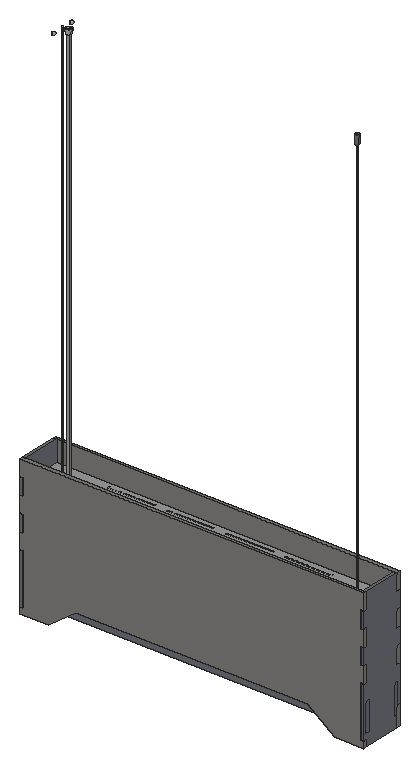
Revit family "Lighting - Lumetta - Pendant - P4217A2", category Lighting Fixtures, host Ceiling, Revit 2015
Parameters
  Wattage = 12.1178 W
  built-in parameter 1150110 = 1 (stored number, unit not read)
  URL = "https://lumetta.com/luminaires/link-acoustic-streamline-42-pendant-2/"
  built-in parameter 1114217 = 1 (stored number, unit not read)
  Top Lens-Material [instance] = Acrylic - 2447 - White
  Top Lens [instance] = yes
  built-in parameter 1150109 = 1 (stored number, unit not read)
  built-in parameter 1150134 = (empty or 0)
  Suspension [instance] = 1
  built-in parameter 1150113 = 1 (stored number, unit not read)
  P4217A2 URL [instance] = "https://lumetta.com/luminaires/link-acoustic-streamline-42-pendant-2/"
  P4217A2 [instance] = no
  Model = "P4217A2"  # constant formula
  Manufacturer = "Lumetta, Inc."  # constant formula
  Lumens = 1800 lm
  built-in parameter 1150115 = 1 (stored number, unit not read)
  built-in parameter 1150105 = 143.24 (stored number, unit not read)
  Light Source Symbol Size = 0' - 1"
  built-in parameter 1150137 = (empty or 0)
  built-in parameter 1150139 = (empty or 0)
  built-in parameter 1150112 = 1 (stored number, unit not read)
  built-in parameter 1150114 = 1 (stored number, unit not read)
  built-in parameter 1150132 = 2
  built-in parameter 1150102 = (empty or 0)
  built-in parameter 1150138 = (empty or 0)
  built-in parameter 1150107 = 3000 (stored number, unit not read)
  built-in parameter 1150106 = 1.4324 (stored number, unit not read)
  Frame Finish [instance] = Paint - Lumetta - F02 - PC_Chrome
  Fixture Drop [instance] = 4' - 0"
  Emit from Line Length = 2' - 10"
  built-in parameter 1150104 = 13.8 (stored number, unit not read)
  Dimming Lamp Color Temperature Shift = (empty or 0)
  Diffuser Material-Shade 2 [instance] = Shade - Lumetta - D814A-AC-Navy
  Diffuser Material-Shade 1 [instance] = Shade - Lumetta - D803-AC-Oat
  Description = "Link Acoustic Streamline 42'' Pendant"  # constant formula
  Coupling-Stems over 60 inches [instance] = and([2 Stems], Fixture Drop > 5' 0")  # no
  Cord Color [instance] = Cord, Black
  Cone Nut-STD-2-3Wire [instance] = Suspension = 1  # yes
  Color Filter = 16777215
  Bushing-LED-4Wire [instance] = Suspension = 2  # no
  Bottom Lens-Material [instance] = Acrylic - P95 - Etched White
  Bottom Lens [instance] = no
  built-in parameter 1114218 = 1 (stored number, unit not read)
  built-in parameter 1150133 = 10 (stored number, unit not read)
  2 Stems [instance] = Suspension = 3  # no
  1CRD-2CBL-LED-4Wire [instance] = or(Suspension = 1, Suspension = 2)  # yes
  1 CRD-2CBL-STD [instance] = or(Suspension = 1, Suspension = 2)  # yes
Reference planes (in)
  plane 1 "Light Source Axis (F/B)": y = 0
  plane 2 "Ceiling": z = 96.01773
  plane 3 "Light Source Axis (L/R)": x = 0
  plane 4 "Light Source Elevation": z = 45.01773
  plane 5 "Fixture-Top": z = 48.01773
  plane 6 "Lamping Start": z = 45.51773
  plane 7 "Left Stem": x = -18
  plane 8 "Right Stem": x = 18
  plane 9: x = -17.25
  plane 10: x = 17.25
  plane 11 "Right XBar": x = 18
  plane 12 "Left XBar": x = -18
  plane 13 "Left Cable": x = -18
  plane 14 "Right Cable": x = 18
  plane 15 "Frame Length-Left": x = -20
  plane 16 "Frame Length-Right": x = 20
  plane 17 "Frame Width-Front": y = 2
  plane 18 "Frame Width-Back": y = -2
  plane 19 "Outer Frame-Left": x = -21
  plane 20 "Outer Frame-Right": x = 21
  plane 21 "Outer Frame-Front": y = 2.75
  plane 22 "Outer Frame-Back": y = -2.75
  plane 23 "Cable-Cord Canopy-Left": x = -18
Forms (in)
  Extrusion 1, solid, material "Paint - Lumetta - F02 - PC_Chrome" <- "Frame Finish", visible <- "2 Stems"
    sketch origin (0, 0, 96.01773) x (1, 0, 0) y (0, 1, 0)
      loop
        line (-20.875, 2.875) -> (-20.875, -2.875) -> (-15.125, -2.875) -> (-15.125, 2.875) -> (-20.875, 2.875)
      loop
        line (20.875, -2.875) -> (20.875, 2.875) -> (15.125, 2.875) -> (15.125, -2.875) -> (20.875, -2.875)
    from 0 to -0.75
  Extrusion 2, solid, material "Paint - Lumetta - F02 - PC_Chrome" <- "Frame Finish", visible <- "2 Stems"
    sketch origin (18, 0.5, 96.01773) x (1, 0, 0) y (0, 1, 0)
      loop
        line (-39, 2.5) -> (-39, -3.5) -> (-33, -3.5) -> (-33, 2.5) -> (-39, 2.5)
      loop
        line (-3, 2.5) -> (-3, -3.5) -> (3, -3.5) -> (3, 2.5) -> (-3, 2.5)
    from -0.8125 to -0.75
  Revolve 3, solid, material "Paint - Lumetta - F02 - PC_Chrome" <- "Frame Finish", visible <- "Cone Nut-STD-2-3Wire"
    sketch origin (0, 0, 0) x (1, 0, 0) y (0, 0, 1)
      loop
        line (-17.25, 95.20523) -> (-17.25, 94.70523) -> (-16.96878, 94.70523) -> (-16.87659, 95.20523) -> (-17.25, 95.20523)
      axis (-17.25, 94.70523) -> (-17.25, 95.20523)
    angle from 0 to 360
  Extrusion 4, solid, material "Paint - Lumetta - F11 - PC_White"
    sketch origin (0, 0, 45.51773) x (-1, 0, 0) y (0, -1, 0)
      loop
        line (19.5, -1.54) -> (19.5, 1.54) -> (-19.5, 1.54) -> (-19.5, -1.54) -> (19.5, -1.54)
    from -0.1225 to -1.375
  Extrusion 5, solid, material "Cord, Black" <- "Cord Color", visible <- "1 CRD-2CBL-STD"
    sketch origin (0, 0, 96.01773) x (1, 0, 0) y (0, 1, 0)
      loop
        circle (-17.25, 0) r 0.1566
    from -0.75 to -50.5
  Extrusion 6, solid, material "Steel, Galvanized", visible <- "1 CRD-2CBL-STD"
    sketch origin (0, 0, 96.01773) x (1, 0, 0) y (0, 1, 0)
      loop
        circle (-18, 0) r 0.03252
      loop
        circle (18, 0) r 0.03265
    from -0.75 to -50.5
  Extrusion 7, solid, material "Paint - Lumetta - F02 - PC_Chrome" <- "Frame Finish", visible <- "2 Stems"
    sketch origin (0, 0, 96.01773) x (1, 0, 0) y (0, 1, 0)
      loop
        circle (-18, 0) r 0.25
      loop
        circle (18, 0) r 0.25
    from 0 to -50.5
  Revolve 8, solid, material "Paint - Lumetta - F02 - PC_Chrome" <- "Frame Finish", visible <- "2 Stems"
    sketch origin (0, 0, 0) x (1, 0, 0) y (0, 0, 1)
      loop
        line (-18, 95.04898) -> (-17.70148, 95.04898)
        arc (-17.70148, 95.04898) -> (-17.46866, 95.4096) -> (-17.39788, 95.83298) r 1.06037
        line (-17.39788, 95.83298) -> (-18, 95.83298) -> (-18, 95.04898)
      axis (-18, 95.04898) -> (-18, 95.83298)
    angle from 0 to 360
  Revolve 9, solid, material "Paint - Lumetta - F02 - PC_Chrome" <- "Frame Finish", visible <- "Coupling-Stems over 60 inches"
    sketch origin (0, 0, 0) x (1, 0, 0) y (0, 0, 1)
      loop
        line (-18, 108.01773) -> (-17.70764, 108.01773)
        arc (-17.70764, 108.01773) -> (-17.65786, 108.0585) -> (-17.68801, 108.11534) r 0.05078
        arc (-17.68801, 108.11534) -> (-17.65686, 108.28335) -> (-17.68801, 108.45137) r 0.46875
        arc (-17.68801, 108.45137) -> (-17.65786, 108.50821) -> (-17.70764, 108.54898) r 0.05078
        line (-17.70764, 108.54898) -> (-18, 108.54898) -> (-18, 108.01773)
      axis (-18, 108.54898) -> (-18, 108.01773)
    angle from 0 to 360
  Revolve 10, solid, material "Paint - Lumetta - F02 - PC_Chrome" <- "Frame Finish", visible <- "Coupling-Stems over 60 inches"
    sketch origin (0, 0, 0) x (-1, 0, 0) y (0, 0, 1)
      loop
        line (-18, 108.01773) -> (-17.7062, 108.01773)
        arc (-17.7062, 108.01773) -> (-17.65642, 108.0585) -> (-17.68657, 108.11534) r 0.05078
        arc (-17.68657, 108.11534) -> (-17.65542, 108.28335) -> (-17.68657, 108.45137) r 0.46875
        arc (-17.68657, 108.45137) -> (-17.65642, 108.50821) -> (-17.7062, 108.54898) r 0.05078
        line (-17.7062, 108.54898) -> (-18, 108.54898) -> (-18, 108.01773)
      axis (-18, 108.54898) -> (-18, 108.01773)
    angle from 0 to 360
  Revolve 11, solid, material "Paint - Lumetta - F02 - PC_Chrome" <- "Frame Finish", visible <- "2 Stems"
    sketch origin (0, 0, 0) x (-1, 0, 0) y (0, 0, 1)
      loop
        line (-18, 95.04898) -> (-17.70148, 95.04898)
        arc (-17.70148, 95.04898) -> (-17.45187, 95.31397) -> (-17.39788, 95.67398) r 0.60938
        line (-17.39788, 95.67398) -> (-18, 95.67398) -> (-18, 95.04898)
      axis (-18, 95.04898) -> (-18, 95.67398)
    angle from 0 to 360
  Extrusion 12, solid, material "Paint - Lumetta - F02 - PC_Chrome" <- "Frame Finish", visible <- "Bushing-LED-4Wire"
    sketch origin (0, 0, 96.01773) x (1, 0, 0) y (0, 1, 0)
      loop
        circle (-17.25, 0) r 0.37341
      loop
        circle (-17.25, 0) r 0.25
    from -0.91406 to -0.8125
  Extrusion 13, solid, material "Shade - Lumetta - D803-AC-Oat" <- "Diffuser Material-Shade 1"
    sketch origin (0, 2.75, 0) x (-1, 0, 0) y (0, 0, 1)
      loop
        line (-21, 46.01773) -> (-20.625, 46.01773) -> (-20.625, 44.01773) -> (-21, 44.01773) -> (-21, 42.01773) -> (-20.625, 42.01773) -> (-20.625, 40.01773) -> (-21, 40.01773) -> (-21, 38.01773) -> (-20.625, 38.01773) -> (-20.625, 33.51773) -> (-21, 33.51773) -> (-21, 31.01773) -> (-17.5, 31.01773) -> (-14.125, 33.51773) -> (14.125, 33.51773) -> (17.5, 31.01773) -> (21, 31.01773) -> (21, 33.51773) -> (20.625, 33.51773) -> (20.625, 38.01773) -> (21, 38.01773) -> (21, 40.01773) -> (20.625, 40.01773) -> (20.625, 42.01773) -> (21, 42.01773) -> (21, 44.01773) -> (20.625, 44.01773) -> (20.625, 46.01773) -> (21, 46.01773) -> (21, 48.01773) -> (-21, 48.01773) -> (-21, 46.01773)
    from -0.37949 to 0
  Extrusion 14, solid, material "Shade - Lumetta - D814A-AC-Navy" <- "Diffuser Material-Shade 2"
    sketch origin (-21, 0, 0) x (0, -1, 0) y (0, 0, -1)
      loop
        line (-1.99551, -32.51773) -> (-2.37051, -32.51773) -> (-2.37051, -36.01773) -> (-1.99551, -36.01773) -> (-1.99551, -32.51773)
      loop
        line (2.00449, -32.51773) -> (2.00449, -36.01773) -> (2.37949, -36.01773) -> (2.37949, -32.51773) -> (2.00449, -32.51773)
      loop
        line (2.37949, -31.01773) -> (-2.37051, -31.01773) -> (-2.37051, -31.76773) -> (-2.74551, -31.76773) -> (-2.74551, -38.01773) -> (-2.37051, -38.01773) -> (-2.37051, -40.01773) -> (-2.74551, -40.01773) -> (-2.74551, -42.01773) -> (-2.37051, -42.01773) -> (-2.37051, -44.01773) -> (-2.74551, -44.01773) -> (-2.74551, -46.01773) -> (-2.37051, -46.01773) -> (-2.37051, -48.01773) -> (2.37949, -48.01773) -> (2.37949, -46.01773) -> (2.75449, -46.01773) -> (2.75449, -44.01773) -> (2.37949, -44.01773) -> (2.37949, -42.01773) -> (2.75449, -42.01773) -> (2.75449, -40.01773) -> (2.37949, -40.01773) -> (2.37949, -38.01773) -> (2.75449, -38.01773) -> (2.75449, -31.76773) -> (2.37949, -31.76773) -> (2.37949, -31.01773)
    from 0 to 0.375
  Extrusion 15, solid, material "Shade - Lumetta - D814A-AC-Navy" <- "Diffuser Material-Shade 2"
    sketch origin (20.625, 0, 0) x (0, -1, 0) y (0, 0, -1)
      loop
        line (-1.99551, -32.51773) -> (-2.37051, -32.51773) -> (-2.37051, -36.01773) -> (-1.99551, -36.01773) -> (-1.99551, -32.51773)
      loop
        line (2.00449, -32.51773) -> (2.00449, -36.01773) -> (2.37949, -36.01773) -> (2.37949, -32.51773) -> (2.00449, -32.51773)
      loop
        line (2.37949, -31.01773) -> (-2.37051, -31.01773) -> (-2.37051, -31.76773) -> (-2.74551, -31.76773) -> (-2.74551, -38.01773) -> (-2.37051, -38.01773) -> (-2.37051, -40.01773) -> (-2.74551, -40.01773) -> (-2.74551, -42.01773) -> (-2.37051, -42.01773) -> (-2.37051, -44.01773) -> (-2.74551, -44.01773) -> (-2.74551, -46.01773) -> (-2.37051, -46.01773) -> (-2.37051, -48.01773) -> (2.37949, -48.01773) -> (2.37949, -46.01773) -> (2.75449, -46.01773) -> (2.75449, -44.01773) -> (2.37949, -44.01773) -> (2.37949, -42.01773) -> (2.75449, -42.01773) -> (2.75449, -40.01773) -> (2.37949, -40.01773) -> (2.37949, -38.01773) -> (2.75449, -38.01773) -> (2.75449, -31.76773) -> (2.37949, -31.76773) -> (2.37949, -31.01773)
    from 0 to 0.375
  Extrusion 16, solid, material "Shade - Lumetta - D803-AC-Oat" <- "Diffuser Material-Shade 1"
    sketch origin (0, -2.75, 0) x (1, 0, 0) y (0, 0, 1)
      loop
        line (21, 46.01773) -> (21, 48.01773) -> (-21, 48.01773) -> (-21, 46.01773) -> (-20.625, 46.01773) -> (-20.625, 44.01773) -> (-21, 44.01773) -> (-21, 42.01773) -> (-20.625, 42.01773) -> (-20.625, 40.01773) -> (-21, 40.01773) -> (-21, 38.01773) -> (-20.625, 38.01773) -> (-20.625, 31.76773) -> (-21, 31.76773) -> (-21, 31.01773) -> (-17.5, 31.01773) -> (-14.125, 33.51773) -> (14.125, 33.51773) -> (17.5, 31.01773) -> (21, 31.01773) -> (21, 31.76773) -> (20.625, 31.76773) -> (20.625, 38.01773) -> (21, 38.01773) -> (21, 40.01773) -> (20.625, 40.01773) -> (20.625, 42.01773) -> (21, 42.01773) -> (21, 44.01773) -> (20.625, 44.01773) -> (20.625, 46.01773) -> (21, 46.01773)
    from -0.37051 to 0
  Revolve 17, solid, material "Shade - Lumetta - D716-AC-Wheel", visible <- "1 CRD-2CBL-STD"
    sketch origin (0, 0, 0) x (1, 0, 0) y (0, 0, 1)
      loop
        line (18, 96.01773) -> (18, 95.01773) -> (18.25, 95.01773) -> (18.25, 96.01773) -> (18, 96.01773)
      axis (18, 96.01773) -> (18, 95.01773)
    angle from 0 to 360
  Revolve 18, solid, material "Paint - Lumetta - F02 - PC_Chrome" <- "Frame Finish", visible <- "2 Stems"
    sketch origin (0, 0, 0) x (1, 0, 0) y (0, 0, 1)
      loop
        arc (-16.0625, 94.83603) -> (-15.875, 95.02353) -> (-16.0625, 95.21103) r 0.1875
        line (-16.0625, 95.21103) -> (-16.0625, 94.83603)
      axis (-16.0625, 95.21103) -> (-16.0625, 94.83603)
    angle from 0 to 360
  Revolve 19, solid, material "Paint - Lumetta - F02 - PC_Chrome" <- "Frame Finish", visible <- "2 Stems"
    sketch origin (-4.25, 0, 0) x (1, 0, 0) y (0, 0, 1)
      loop
        arc (-15.6875, 94.83023) -> (-15.5, 95.01773) -> (-15.6875, 95.20523) r 0.1875
        line (-15.6875, 95.20523) -> (-15.6875, 94.83023)
      axis (-15.6875, 95.20523) -> (-15.6875, 94.83023)
    angle from 0 to 360
  Revolve 20, solid, material "Paint - Lumetta - F02 - PC_Chrome" <- "Frame Finish", visible <- "2 Stems"
    sketch origin (0, 0, 0) x (-1, 0, 0) y (0, 0, 1)
      loop
        arc (-16.0625, 94.83603) -> (-15.875, 95.02353) -> (-16.0625, 95.21103) r 0.1875
        line (-16.0625, 95.21103) -> (-16.0625, 94.83603)
      axis (-16.0625, 95.21103) -> (-16.0625, 94.83603)
    angle from 0 to 360
  Revolve 21, solid, material "Paint - Lumetta - F02 - PC_Chrome" <- "Frame Finish", visible <- "2 Stems"
    sketch origin (4.25, 0, 0) x (-1, 0, 0) y (0, 0, 1)
      loop
        arc (-15.6875, 94.83023) -> (-15.5, 95.01773) -> (-15.6875, 95.20523) r 0.1875
        line (-15.6875, 95.20523) -> (-15.6875, 94.83023)
      axis (-15.6875, 95.20523) -> (-15.6875, 94.83023)
    angle from 0 to 360
  Revolve 22, solid, material "Paint - Lumetta - F02 - PC_Chrome" <- "Frame Finish", visible <- "1 CRD-2CBL-STD"
    sketch origin (-18, 0, 0) x (0, 0, 1) y (0, -1, 0)
      loop
        arc (95.20961, 1.375) -> (95.02211, 1.5625) -> (94.83461, 1.375) r 0.1875
        line (94.83461, 1.375) -> (95.20961, 1.375)
      axis (94.83461, 1.375) -> (95.20961, 1.375)
    angle from 0 to 360
  Revolve 23, solid, material "Paint - Lumetta - F02 - PC_Chrome" <- "Frame Finish", visible <- "1 CRD-2CBL-STD"
    sketch origin (-18, 0, 0) x (0, 0, 1) y (0, 1, 0)
      loop
        arc (95.20961, 1.375) -> (95.02211, 1.5625) -> (94.83461, 1.375) r 0.1875
        line (94.83461, 1.375) -> (95.20961, 1.375)
      axis (94.83461, 1.375) -> (95.20961, 1.375)
    angle from 0 to 360
  Extrusion 24, solid, material "Acrylic - 2447 - White" <- "Top Lens-Material", visible <- "Top Lens"
    sketch origin (0.0433, 0, 45.51773) x (-1, 0, 0) y (0, -1, 0)
      loop
        arc (13.56517, -1.67901) -> (13.69017, -1.55401) -> (13.56517, -1.42901) r 0.125
        line (13.56517, -1.42901) -> (8.06517, -1.42901)
        arc (8.06517, -1.42901) -> (7.94017, -1.55401) -> (8.06517, -1.67901) r 0.125
        line (8.06517, -1.67901) -> (13.56517, -1.67901)
      loop
        line (13.56517, 1.63349) -> (8.06517, 1.63349)
        arc (8.06517, 1.63349) -> (7.94017, 1.50849) -> (8.06517, 1.38349) r 0.125
        line (8.06517, 1.38349) -> (13.56517, 1.38349)
        arc (13.56517, 1.38349) -> (13.69017, 1.50849) -> (13.56517, 1.63349) r 0.125
      loop
        arc (6.36517, -1.67901) -> (6.49017, -1.55401) -> (6.36517, -1.42901) r 0.125
        line (6.36517, -1.42901) -> (0.86517, -1.42901)
        arc (0.86517, -1.42901) -> (0.74017, -1.55401) -> (0.86517, -1.67901) r 0.125
        line (0.86517, -1.67901) -> (6.36517, -1.67901)
      loop
        line (6.36517, 1.63349) -> (0.86517, 1.63349)
        arc (0.86517, 1.63349) -> (0.74017, 1.50849) -> (0.86517, 1.38349) r 0.125
        line (0.86517, 1.38349) -> (6.36517, 1.38349)
        arc (6.36517, 1.38349) -> (6.49017, 1.50849) -> (6.36517, 1.63349) r 0.125
      loop
        arc (-0.83483, -1.67901) -> (-0.70983, -1.55401) -> (-0.83483, -1.42901) r 0.125
        line (-0.83483, -1.42901) -> (-6.33483, -1.42901)
        arc (-6.33483, -1.42901) -> (-6.45983, -1.55401) -> (-6.33483, -1.67901) r 0.125
        line (-6.33483, -1.67901) -> (-0.83483, -1.67901)
      loop
        line (-0.83483, 1.63349) -> (-6.33483, 1.63349)
        arc (-6.33483, 1.63349) -> (-6.45983, 1.50849) -> (-6.33483, 1.38349) r 0.125
        line (-6.33483, 1.38349) -> (-0.83483, 1.38349)
        arc (-0.83483, 1.38349) -> (-0.70983, 1.50849) -> (-0.83483, 1.63349) r 0.125
      loop
        arc (-8.03483, -1.67901) -> (-7.90983, -1.55401) -> (-8.03483, -1.42901) r 0.125
        line (-8.03483, -1.42901) -> (-13.53483, -1.42901)
        arc (-13.53483, -1.42901) -> (-13.65983, -1.55401) -> (-13.53483, -1.67901) r 0.125
        line (-13.53483, -1.67901) -> (-8.03483, -1.67901)
      loop
        line (-8.03483, 1.63349) -> (-13.53483, 1.63349)
        arc (-13.53483, 1.63349) -> (-13.65983, 1.50849) -> (-13.53483, 1.38349) r 0.125
        line (-13.53483, 1.38349) -> (-8.03483, 1.38349)
        arc (-8.03483, 1.38349) -> (-7.90983, 1.50849) -> (-8.03483, 1.63349) r 0.125
      loop
        arc (20.54642, 2.13349) -> (20.50981, 2.22188) -> (20.42142, 2.25849) r 0.125
        line (20.42142, 2.25849) -> (18.51517, 2.25849)
        arc (18.51517, 2.25849) -> (18.42678, 2.22188) -> (18.39017, 2.13349) r 0.125
        line (18.39017, 2.13349) -> (18.39017, 0.35224)
        arc (18.39017, 0.35224) -> (18.39658, 0.31271) -> (18.41517, 0.27724) r 0.125
        arc (18.41517, 0.27724) -> (18.01517, -0.52276) -> (17.61517, 0.27724) r 0.5
        arc (17.61517, 0.27724) -> (17.63376, 0.31271) -> (17.64017, 0.35224) r 0.125
        line (17.64017, 0.35224) -> (17.64017, 2.13349)
        arc (17.64017, 2.13349) -> (17.60356, 2.22188) -> (17.51517, 2.25849) r 0.125
        line (17.51517, 2.25849) -> (-17.48483, 2.25849)
        arc (-17.48483, 2.25849) -> (-17.57322, 2.22188) -> (-17.60983, 2.13349) r 0.125
        line (-17.60983, 2.13349) -> (-17.60983, 0.35224)
        arc (-17.60983, 0.35224) -> (-17.60342, 0.31271) -> (-17.58483, 0.27724) r 0.125
        arc (-17.58483, 0.27724) -> (-17.98483, -0.52276) -> (-18.38483, 0.27724) r 0.5
        arc (-18.38483, 0.27724) -> (-18.36624, 0.31271) -> (-18.35983, 0.35224) r 0.125
        line (-18.35983, 0.35224) -> (-18.35983, 2.13349)
        arc (-18.35983, 2.13349) -> (-18.39644, 2.22188) -> (-18.48483, 2.25849) r 0.125
        line (-18.48483, 2.25849) -> (-20.39108, 2.25849)
        arc (-20.39108, 2.25849) -> (-20.47947, 2.22188) -> (-20.51608, 2.13349) r 0.125
        line (-20.51608, 2.13349) -> (-20.51608, -2.17901)
        arc (-20.51608, -2.17901) -> (-20.47947, -2.2674) -> (-20.39108, -2.30401) r 0.125
        line (-20.39108, -2.30401) -> (20.42142, -2.30401)
        arc (20.42142, -2.30401) -> (20.50981, -2.2674) -> (20.54642, -2.17901) r 0.125
        line (20.54642, -2.17901) -> (20.54642, 2.13349)
    from -0.1225 to 0
  Extrusion 25, solid, material "Shade - Lumetta - D814A-AC-Navy" <- "Diffuser Material-Shade 2"
    sketch origin (0, 0, 0) x (1, 0, 0) y (0, 0, 1)
      loop
        line (-21, 36.01332) -> (-21, 32.51332) -> (21, 32.51332) -> (21, 36.01332) -> (-21, 36.01332)
      loop
        line (-20.25, 35.51332) -> (-20.625, 35.51332) -> (-20.625, 33.01332) -> (-20.25, 33.01332) -> (-20.25, 35.51332)
      loop
        line (20.25, 35.51332) -> (20.25, 33.01332) -> (20.625, 33.01332) -> (20.625, 35.51332) -> (20.25, 35.51332)
    from -2.37051 to -2
  Extrusion 26, solid, material "Shade - Lumetta - D814A-AC-Navy" <- "Diffuser Material-Shade 2"
    sketch origin (0, 0, 0) x (1, 0, 0) y (0, 0, -1)
      loop
        line (-21, -36.01332) -> (21, -36.01332) -> (21, -32.51332) -> (-21, -32.51332) -> (-21, -36.01332)
      loop
        line (-20.25, -35.51332) -> (-20.25, -33.01332) -> (-20.625, -33.01332) -> (-20.625, -35.51332) -> (-20.25, -35.51332)
      loop
        line (20.25, -35.51332) -> (20.625, -35.51332) -> (20.625, -33.01332) -> (20.25, -33.01332) -> (20.25, -35.51332)
    from -2.37949 to -2
  Extrusion 27, solid, material "Acrylic - P95 - Etched White" <- "Bottom Lens-Material", visible <- "Bottom Lens"
    sketch origin (0, 0, 48.01773) x (0, -1, 0) y (1, 0, 0)
      loop
        line (2.34375, -20.30625) -> (2.34375, 20.33256)
        arc (2.34375, 20.33256) -> (2.26725, 20.51725) -> (2.08256, 20.59375) r 0.26119
        line (2.08256, 20.59375) -> (-2.24506, 20.59375)
        arc (-2.24506, 20.59375) -> (-2.31484, 20.56484) -> (-2.34375, 20.49506) r 0.09869
        line (-2.34375, 20.49506) -> (-2.34375, -20.46875)
        arc (-2.34375, -20.46875) -> (-2.30714, -20.55714) -> (-2.21875, -20.59375) r 0.125
        line (-2.21875, -20.59375) -> (2.05625, -20.59375)
        arc (2.05625, -20.59375) -> (2.25954, -20.50954) -> (2.34375, -20.30625) r 0.2875
    from -12 to -11.90789
  Extrusion 28, solid, material "Shade - Lumetta - D814A-AC-Navy" <- "Diffuser Material-Shade 2"
    sketch origin (0, 0, 0) x (0, 1, 0) y (0, 0, 1)
      loop
        line (-2.02583, 35.51773) -> (-2.40083, 35.51773) -> (-2.40083, 33.01773) -> (-2.02583, 33.01773) -> (-2.02583, 32.51773) -> (1.97417, 32.51773) -> (1.97417, 33.01773) -> (2.34917, 33.01773) -> (2.34917, 35.51773) -> (1.97417, 35.51773) -> (1.97417, 36.01773) -> (-2.02583, 36.01773) -> (-2.02583, 35.51773)
    from -20.625 to -20.25
  Extrusion 29, solid, material "Shade - Lumetta - D814A-AC-Navy" <- "Diffuser Material-Shade 2"
    sketch origin (0, 0, 0) x (0, 1, 0) y (0, 0, -1)
      loop
        line (-2.02583, -35.51773) -> (-2.02583, -36.01773) -> (1.97417, -36.01773) -> (1.97417, -35.51773) -> (2.34917, -35.51773) -> (2.34917, -33.01773) -> (1.97417, -33.01773) -> (1.97417, -32.51773) -> (-2.02583, -32.51773) -> (-2.02583, -33.01773) -> (-2.40083, -33.01773) -> (-2.40083, -35.51773) -> (-2.02583, -35.51773)
    from -20.625 to -20.25
Dimensions and locks (in)
  equal spacing: host sketch curve, plane 3 "Light Source Axis (L/R)", host sketch curve
  equal spacing: host sketch curve, plane 1 "Light Source Axis (F/B)", host sketch curve
  host sketch curve to host sketch curve = 10' - 0"  (x2)
  plane 5 "Fixture-Top" to plane 4 "Light Source Elevation" = 0' - 3"
  "Fixture Drop": plane 2 "Ceiling" to plane 5 "Fixture-Top"
  locked: Extrusion 2 to Revolve 3 sketch curve at 0.5
  locked: imposter light to Extrusion 4 sketch curve at 1.54
  locked: plane 1 "Light Source Axis (F/B)" to Extrusion 4 sketch curve at 1.54
  locked: Extrusion 2 to Revolve 8 sketch curve at 0.15625
  Revolve 9 sketch curve to level = 9' - 0.01773"
  locked: Revolve 9 sketch curve to Revolve 9 sketch curve at 0.53125
  locked: Revolve 9 sketch curve to Revolve 9 sketch curve at 0.26563
  locked: Revolve 9 sketch curve to Revolve 9 sketch curve at 0.05078  (x2)
  locked: Revolve 10 sketch curve to Revolve 10 sketch curve at 0.53125
  locked: Revolve 10 sketch curve to Revolve 10 sketch curve at 0.26563
  locked: Revolve 10 sketch curve to Revolve 10 sketch curve at 0.05078  (x2)
  Extrusion 12 sketch curve to plane 3 "Light Source Axis (L/R)" = 1' - 5 1/4"  (x2)
  locked: Revolve 10 sketch curve to plane 5 "Fixture-Top" at 60
  locked: Revolve 9 sketch curve to plane 5 "Fixture-Top" at 60
  plane 5 "Fixture-Top" to plane 6 "Lamping Start" = 0' - 2 1/2"  (x2)
  locked: plane 6 "Lamping Start" to Extrusion 4 at 1.375
  equal spacing: Extrusion 6 sketch curve, plane 3 "Light Source Axis (L/R)", Extrusion 6 sketch curve
  plane 3 "Light Source Axis (L/R)" to Revolve 3 sketch curve = 1' - 5 1/4"
  Extrusion 5 sketch curve to plane 3 "Light Source Axis (L/R)" = 1' - 5 1/4"
  plane 3 "Light Source Axis (L/R)" to Extrusion 7 sketch curve = 1' - 6"
  plane 3 "Light Source Axis (L/R)" to Revolve 10 sketch curve = 1' - 6"
  locked: Revolve 8 sketch curve to plane 7 "Left Stem" at 0
  locked: Revolve 8 sketch curve to Revolve 8 sketch curve at 0.45748
  locked: plane 8 "Right Stem" to Revolve 11 sketch curve at 0  (x2)
  locked: Revolve 11 sketch curve to plane 8 "Right Stem" at 0
  locked: Revolve 9 sketch curve to plane 7 "Left Stem" at 0  (x2)
  locked: Revolve 9 sketch curve to plane 7 "Left Stem" at 0.29236  (x2)
  locked: plane 7 "Left Stem" to Revolve 9 sketch curve at 0.12561
  locked: Revolve 10 sketch curve to plane 8 "Right Stem" at 0  (x2)
  locked: plane 8 "Right Stem" to Revolve 10 sketch curve at 0.2938  (x2)
  locked: Revolve 10 sketch curve to plane 8 "Right Stem" at 0.12417
  locked: plane 9 to Revolve 3 sketch curve at 0
  Revolve 3 sketch curve to plane 9 = 0' - 0"
  locked: Revolve 3 sketch curve to plane 9 at 0.37341
  locked: Revolve 3 sketch curve to plane 9 at 0.28122
  plane 3 "Light Source Axis (L/R)" to plane 9 = 1' - 5 1/4"
  equal spacing: plane 10, plane 3 "Light Source Axis (L/R)", plane 9
  locked: plane 6 "Lamping Start" to Extrusion 4 at 0.1225
  equal spacing: plane 12 "Left XBar", plane 3 "Light Source Axis (L/R)", plane 11 "Right XBar"
  locked: plane 12 "Left XBar" to plane 11 "Right XBar" at 36
  equal spacing: plane 13 "Left Cable", plane 3 "Light Source Axis (L/R)", plane 14 "Right Cable"
  plane 13 "Left Cable" to plane 14 "Right Cable" = 3' - 0"
  locked: Extrusion 6 sketch curve to plane 13 "Left Cable" at 0
  equal spacing: plane 7 "Left Stem", plane 3 "Light Source Axis (L/R)", plane 8 "Right Stem"
  plane 7 "Left Stem" to plane 8 "Right Stem" = 3' - 0"
  equal spacing: plane 15 "Frame Length-Left", plane 3 "Light Source Axis (L/R)", plane 16 "Frame Length-Right"
  plane 15 "Frame Length-Left" to plane 16 "Frame Length-Right" = 3' - 4"
  equal spacing: plane 17 "Frame Width-Front", plane 1 "Light Source Axis (F/B)", plane 18 "Frame Width-Back"
  plane 17 "Frame Width-Front" to plane 18 "Frame Width-Back" = 0' - 4"
  equal spacing: plane 19 "Outer Frame-Left", plane 3 "Light Source Axis (L/R)", plane 20 "Outer Frame-Right"
  equal spacing: plane 22 "Outer Frame-Back", plane 1 "Light Source Axis (F/B)", plane 21 "Outer Frame-Front"
  plane 19 "Outer Frame-Left" to plane 20 "Outer Frame-Right" = 3' - 6"
  plane 21 "Outer Frame-Front" to plane 22 "Outer Frame-Back" = 0' - 5 1/2"
  locked: Extrusion 7 sketch curve to plane 7 "Left Stem"
  locked: plane 8 "Right Stem" to Extrusion 7 sketch curve
  locked: Extrusion 4 sketch curve to plane 12 "Left XBar" at 1.5
  locked: plane 11 "Right XBar" to Extrusion 4 sketch curve at 1.5
  locked: Extrusion 2 sketch curve to Extrusion 2 sketch curve at 6  (x4)
  locked: plane 1 "Light Source Axis (F/B)" to Extrusion 2 sketch curve at 3
  plane 1 "Light Source Axis (F/B)" to Extrusion 2 sketch curve = 0' - 3"
  locked: Extrusion 2 sketch curve to Extrusion 2 sketch curve at 30
  locked: Extrusion 2 sketch curve to plane 3 "Light Source Axis (L/R)" at 15
  locked: Extrusion 1 sketch curve to Extrusion 1 sketch curve at 5.75  (x4)
  locked: Extrusion 1 sketch curve to plane 1 "Light Source Axis (F/B)" at 2.875  (x2)
  locked: Extrusion 1 sketch curve to Extrusion 1 sketch curve at 30.25
  locked: Extrusion 1 sketch curve to plane 3 "Light Source Axis (L/R)" at 15.125
  locked: Extrusion 13 to Extrusion 13 at 0.37949
  plane 21 "Outer Frame-Front" to plane 1 "Light Source Axis (F/B)" = 0' - 2 3/4"
  plane 1 "Light Source Axis (F/B)" to plane 22 "Outer Frame-Back" = 0' - 2 3/4"
  plane 1 "Light Source Axis (F/B)" to plane 18 "Frame Width-Back" = 0' - 2"
  plane 17 "Frame Width-Front" to plane 1 "Light Source Axis (F/B)" = 0' - 2"
  plane 3 "Light Source Axis (L/R)" to plane 19 "Outer Frame-Left" = 1' - 9"
  plane 3 "Light Source Axis (L/R)" to plane 15 "Frame Length-Left" = 1' - 8"
  plane 3 "Light Source Axis (L/R)" to plane 20 "Outer Frame-Right" = 1' - 9"
  plane 16 "Frame Length-Right" to plane 3 "Light Source Axis (L/R)" = 1' - 8"
  locked: Extrusion 14 sketch curve to Extrusion 14 sketch curve at 17
  locked: Extrusion 13 sketch curve to Extrusion 13 sketch curve at 17
  locked: Extrusion 13 sketch curve to Extrusion 13 sketch curve at 2.5
  locked: Extrusion 15 sketch curve to Extrusion 15 sketch curve at 17
  locked: Extrusion 16 sketch curve to Extrusion 16 sketch curve at 17  (x2)
  locked: Extrusion 16 sketch curve to Extrusion 16 sketch curve at 2  (x9)
  locked: Extrusion 16 sketch curve to Extrusion 16 sketch curve at 6.25  (x2)
  locked: Extrusion 16 sketch curve to Extrusion 16 sketch curve at 0.375  (x8)
  locked: Extrusion 16 sketch curve to Extrusion 16 sketch curve at 2.5
  locked: Extrusion 16 sketch curve to Extrusion 16 sketch curve at 42
  locked: plane 5 "Fixture-Top" to Extrusion 13 at 0
  locked: Extrusion 16 to plane 22 "Outer Frame-Back" at 0.37051
  Revolve 17 sketch curve to plane 3 "Light Source Axis (L/R)" = 1' - 6"
  Revolve 17 sketch curve to Revolve 17 sketch curve = 0' - 0 1/4"
  plane 2 "Ceiling" to Revolve 17 sketch curve = 0' - 1"
  locked: Extrusion 2 to Revolve 18 sketch curve at 0.18169
  locked: Extrusion 2 to Revolve 18 sketch curve at 1.0625
  locked: plane 19 "Outer Frame-Left" to Revolve 19 sketch curve at 1.0625
  locked: Extrusion 2 to Revolve 19 sketch curve at 1.0625
  locked: Revolve 19 sketch curve to Revolve 19 sketch curve at 0
  locked: Extrusion 2 to Revolve 19 sketch curve at 0.1875
  locked: Revolve 18 sketch curve to Revolve 18 sketch curve
  Revolve 18 sketch curve to Revolve 18 sketch curve = 0' - 0"
  locked: Revolve 21 sketch curve to Revolve 21 sketch curve at 0
  locked: Revolve 20 sketch curve to Revolve 20 sketch curve
  Revolve 20 sketch curve to Revolve 20 sketch curve = 0' - 0"
  plane 3 "Light Source Axis (L/R)" to plane 23 "Cable-Cord Canopy-Left" = 1' - 6"
  plane 1 "Light Source Axis (F/B)" to Revolve 22 sketch curve = 0' - 1 3/8"
  locked: Revolve 22 sketch curve to Extrusion 2 at 0.18312
  locked: Revolve 22 sketch curve to Revolve 22 sketch curve at 0  (x2)
  locked: Revolve 23 sketch curve to Revolve 23 sketch curve at 0  (x2)
  Extrusion 24 sketch curve to plane 3 "Light Source Axis (L/R)" = 1' - 5.97187"
  Extrusion 24 sketch curve to plane 3 "Light Source Axis (L/R)" = 1' - 8.50312"
  locked: Extrusion 24 sketch curve to Extrusion 24 sketch curve at 41.0625
  locked: Extrusion 24 sketch curve to Extrusion 24 sketch curve at 36
  locked: Extrusion 24 sketch curve to Extrusion 24 sketch curve at 27.1  (x2)
  locked: Extrusion 24 sketch curve to plane 1 "Light Source Axis (F/B)" at 2.30401
  locked: Extrusion 24 sketch curve to Extrusion 24 sketch curve at 4.5625  (x3)
  locked: Extrusion 24 to Extrusion 24 at 0.1225
  locked: Extrusion 25 sketch curve to Extrusion 25 sketch curve at 3.5
  locked: Extrusion 25 sketch curve to Extrusion 25 sketch curve at 2.5  (x2)
  locked: Extrusion 25 sketch curve to Extrusion 25 sketch curve at 0.5  (x2)
  locked: plane 3 "Light Source Axis (L/R)" to Extrusion 25 sketch curve at 21
  locked: Extrusion 25 sketch curve to Extrusion 25 sketch curve at 42
  locked: Extrusion 25 sketch curve to Extrusion 25 sketch curve at 0.375  (x2)
  locked: Extrusion 25 sketch curve to Extrusion 14
  locked: Extrusion 15 to Extrusion 25 sketch curve at 0
  locked: Extrusion 26 sketch curve to Extrusion 26 sketch curve at 3.5
  locked: Extrusion 26 sketch curve to Extrusion 26 sketch curve at 2.5  (x2)
  locked: Extrusion 26 sketch curve to Extrusion 26 sketch curve at 0.5  (x2)
  locked: Extrusion 26 sketch curve to Extrusion 26 sketch curve at 42
  locked: Extrusion 26 sketch curve to Extrusion 26 sketch curve at 0.375  (x2)
  locked: Extrusion 13 to Extrusion 25 at 1.49559
  locked: Extrusion 13 to Extrusion 26 at 1.49559
  locked: Extrusion 27 sketch curve to Extrusion 27 sketch curve at 41.1875
  locked: Extrusion 27 sketch curve to Extrusion 27 sketch curve at 4.6875
  locked: plane 1 "Light Source Axis (F/B)" to Extrusion 27 sketch curve at 2.34375
  locked: Extrusion 27 sketch curve to plane 3 "Light Source Axis (L/R)" at 20.59375
  locked: Extrusion 27 to Extrusion 26 at 0.09651
  locked: Extrusion 28 sketch curve to Extrusion 28 sketch curve at 3.5
  locked: Extrusion 28 sketch curve to Extrusion 28 sketch curve at 4.75
  locked: Extrusion 15 to Extrusion 28 sketch curve at 1.5
  locked: Extrusion 29 sketch curve to Extrusion 29 sketch curve at 3.5
  locked: Extrusion 29 sketch curve to Extrusion 29 sketch curve at 4.75
  locked: Extrusion 13 to Extrusion 13 at 17  (x2)
  aligned and locked: plane 3 "Light Source Axis (L/R)" to imposter light
  aligned and locked: plane 1 "Light Source Axis (F/B)" to imposter light
  aligned and locked: plane 4 "Light Source Elevation" to imposter light
  aligned and locked: Extrusion 5 to Extrusion 1
  aligned and locked: plane 2 "Ceiling" to Extrusion 7
  aligned and locked: Extrusion 5 to plane 6 "Lamping Start"
  aligned and locked: Extrusion 6 to plane 6 "Lamping Start"
  aligned and locked: Extrusion 7 to Extrusion 5
  aligned and locked: plane 21 "Outer Frame-Front" to Extrusion 13
  aligned and locked: Extrusion 15 to Extrusion 13
  aligned and locked: plane 22 "Outer Frame-Back" to Extrusion 16
  aligned and locked: Revolve 17 sketch curve to plane 2 "Ceiling"
  aligned and locked: plane 6 "Lamping Start" to Extrusion 24
  aligned and locked: Extrusion 25 to Extrusion 13
  aligned and locked: Extrusion 25 to plane 17 "Frame Width-Front"
  aligned and locked: plane 18 "Frame Width-Back" to Extrusion 26
  aligned and locked: Extrusion 26 to Extrusion 14
  aligned and locked: Extrusion 14 to Extrusion 27
  aligned and locked: Extrusion 13 to Extrusion 28
  aligned and locked: Extrusion 28 to Extrusion 25
  aligned and locked: Extrusion 29 to Extrusion 13
  aligned and locked: Extrusion 29 to Extrusion 25
Automatic sketch dimensions
  Revolve 3 sketch curve to Revolve 3 sketch curve = 0' - 0 1/2"
  Revolve 3 sketch curve to Revolve 3 sketch curve = 0' - 0"
  plane 2 "Ceiling" to Revolve 3 sketch curve = 0' - 2 11/16"
  plane 1 "Light Source Axis (F/B)" to Extrusion 6 sketch curve = 0' - 0"  (x2)
  plane 1 "Light Source Axis (F/B)" to Extrusion 7 sketch curve = 0' - 0"  (x2)
  Revolve 8 sketch curve to plane 7 "Left Stem" = 0' - 0"
  plane 7 "Left Stem" to Revolve 8 sketch curve = 0' - 0.29852"
  Revolve 8 sketch curve to plane 9 = 0' - 0.14788"
  Revolve 8 sketch curve to plane 2 "Ceiling" = 0' - 0.2252"
  Revolve 8 sketch curve to Revolve 8 sketch curve = 1' - 1 19/32"
  plane 2 "Ceiling" to Revolve 8 sketch curve = 0' - 2 15/16"
  Revolve 9 sketch curve to Revolve 9 sketch curve = 0' - 0.01964"
  Revolve 9 sketch curve to Revolve 9 sketch curve = 0' - 0"
  plane 2 "Ceiling" to Revolve 9 sketch curve = 0' - 4 17/32"
  Revolve 10 sketch curve to Revolve 10 sketch curve = 0' - 0.01964"
  Revolve 10 sketch curve to Revolve 10 sketch curve = 0' - 0"
  Revolve 10 sketch curve to plane 2 "Ceiling" = 0' - 4 17/32"
  plane 8 "Right Stem" to Revolve 11 sketch curve = 0' - 0.29852"
  Revolve 11 sketch curve to plane 10 = 0' - 0.14788"
  plane 2 "Ceiling" to Revolve 11 sketch curve = 0' - 0 31/32"
  plane 2 "Ceiling" to Revolve 11 sketch curve = 0' - 0 7/16"
  Revolve 11 sketch curve to plane 2 "Ceiling" = 0' - 0.53351"
  Revolve 11 sketch curve to Revolve 11 sketch curve = 0' - 2.40399"
  plane 20 "Outer Frame-Right" to Extrusion 13 sketch curve = 0' - 0"  (x4)
  Extrusion 13 sketch curve to plane 19 "Outer Frame-Left" = 0' - 0"  (x4)
  Extrusion 13 sketch curve to plane 5 "Fixture-Top" = 0' - 0"
  plane 20 "Outer Frame-Right" to Extrusion 13 sketch curve = 0' - 0 3/8"  (x3)
  plane 10 to Extrusion 13 sketch curve = 0' - 0 1/4"
  Extrusion 13 sketch curve to plane 10 = 0' - 3 1/8"
  plane 9 to Extrusion 13 sketch curve = 0' - 3 1/8"
  Extrusion 13 sketch curve to plane 9 = 0' - 0 1/4"
  plane 19 "Outer Frame-Left" to Extrusion 13 sketch curve = 0' - 0 3/8"  (x3)
  level to Extrusion 13 sketch curve = 2' - 7.01773"
  Extrusion 13 sketch curve to Extrusion 13 sketch curve = 0' - 2 1/2"  (x2)
  Extrusion 13 sketch curve to Extrusion 13 sketch curve = 0' - 4 1/2"  (x2)
  Extrusion 13 sketch curve to Extrusion 13 sketch curve = 0' - 2"  (x4)
  plane 4 "Light Source Elevation" to Extrusion 13 sketch curve = 0' - 1"  (x2)
  plane 6 "Lamping Start" to Extrusion 13 sketch curve = 0' - 0 1/2"  (x2)
  plane 5 "Fixture-Top" to Extrusion 14 sketch curve = 0' - 0"
  Extrusion 14 sketch curve to plane 21 "Outer Frame-Front" = 0' - 0.00449"  (x3)
  plane 17 "Frame Width-Front" to Extrusion 14 sketch curve = 0' - 0.37051"  (x5)
  Extrusion 14 sketch curve to plane 17 "Frame Width-Front" = 0' - 0.00449"
  Extrusion 14 sketch curve to plane 18 "Frame Width-Back" = 0' - 0.00449"
  Extrusion 14 sketch curve to plane 22 "Outer Frame-Back" = 0' - 0.37051"  (x5)
  plane 22 "Outer Frame-Back" to Extrusion 14 sketch curve = 0' - 0.00449"  (x3)
  plane 6 "Lamping Start" to Extrusion 14 sketch curve = 0' - 0 1/2"  (x2)
  plane 4 "Light Source Elevation" to Extrusion 14 sketch curve = 0' - 1"  (x2)
  Extrusion 14 sketch curve to Extrusion 14 sketch curve = 0' - 2"  (x8)
  Extrusion 14 sketch curve to Extrusion 14 sketch curve = 0' - 1 1/2"  (x2)
  Extrusion 14 sketch curve to Extrusion 14 sketch curve = 0' - 0 3/4"  (x2)
  plane 5 "Fixture-Top" to Extrusion 15 sketch curve = 0' - 0"
  Extrusion 15 sketch curve to plane 21 "Outer Frame-Front" = 0' - 0.00449"  (x3)
  plane 17 "Frame Width-Front" to Extrusion 15 sketch curve = 0' - 0.37051"  (x5)
  Extrusion 15 sketch curve to plane 17 "Frame Width-Front" = 0' - 0.00449"
  Extrusion 15 sketch curve to plane 18 "Frame Width-Back" = 0' - 0.00449"
  Extrusion 15 sketch curve to plane 22 "Outer Frame-Back" = 0' - 0.37051"  (x5)
  plane 22 "Outer Frame-Back" to Extrusion 15 sketch curve = 0' - 0.00449"  (x3)
  plane 6 "Lamping Start" to Extrusion 15 sketch curve = 0' - 0 1/2"  (x2)
  plane 4 "Light Source Elevation" to Extrusion 15 sketch curve = 0' - 1"  (x2)
  Extrusion 15 sketch curve to Extrusion 15 sketch curve = 0' - 2"  (x8)
  Extrusion 15 sketch curve to Extrusion 15 sketch curve = 0' - 1 1/2"  (x2)
  Extrusion 15 sketch curve to Extrusion 15 sketch curve = 0' - 0 3/4"  (x2)
  Extrusion 16 sketch curve to plane 19 "Outer Frame-Left" = 0' - 0"  (x3)
  plane 20 "Outer Frame-Right" to Extrusion 16 sketch curve = 0' - 0"  (x2)
  Extrusion 16 sketch curve to plane 5 "Fixture-Top" = 0' - 0"
  Extrusion 16 sketch curve to plane 9 = 0' - 0 1/4"
  plane 9 to Extrusion 16 sketch curve = 0' - 3 1/8"
  Extrusion 16 sketch curve to plane 10 = 0' - 3 1/8"
  plane 10 to Extrusion 16 sketch curve = 0' - 0 1/4"
  Extrusion 16 sketch curve to Extrusion 16 sketch curve = 0' - 0 3/4"
  Revolve 18 sketch curve to Revolve 18 sketch curve = 0' - 0 3/16"
  Revolve 18 sketch curve to Revolve 18 sketch curve = 0' - 0"
  Revolve 18 sketch curve to Revolve 18 sketch curve = 0' - 1.47459"
  Revolve 19 sketch curve to Revolve 19 sketch curve = 0' - 0 3/16"
  Revolve 19 sketch curve to Revolve 19 sketch curve = 0' - 1.46879"
  Revolve 19 sketch curve to Revolve 19 sketch curve = 0' - 0.00581"
  plane 10 to Revolve 20 sketch curve = 0' - 1 3/16"
  plane 2 "Ceiling" to Revolve 20 sketch curve = 0' - 1.18169"
  Revolve 20 sketch curve to Revolve 20 sketch curve = 0' - 0 3/16"
  Revolve 20 sketch curve to Revolve 20 sketch curve = 0' - 1.47459"
  Revolve 20 sketch curve to Revolve 20 sketch curve = 0' - 0"
  plane 16 "Frame Length-Right" to Revolve 21 sketch curve = 0' - 0 1/16"
  plane 2 "Ceiling" to Revolve 21 sketch curve = 0' - 1 3/16"
  Revolve 21 sketch curve to Revolve 21 sketch curve = 0' - 0 3/16"
  Revolve 21 sketch curve to Revolve 21 sketch curve = 0' - 1.46879"
  Revolve 21 sketch curve to Revolve 21 sketch curve = 0' - 0.00581"
  Revolve 22 sketch curve to Revolve 22 sketch curve = 0' - 0 3/16"
  Revolve 22 sketch curve to Revolve 22 sketch curve = 0' - 0.0737"
  Revolve 22 sketch curve to Revolve 22 sketch curve = 0' - 0 3/4"
  plane 2 "Ceiling" to Revolve 23 sketch curve = 0' - 1.18312"
  Revolve 23 sketch curve to Revolve 23 sketch curve = 0' - 0 3/16"
  plane 17 "Frame Width-Front" to Revolve 23 sketch curve = 0' - 0 5/8"
  Revolve 23 sketch curve to Revolve 23 sketch curve = 0' - 0.0737"
  Revolve 23 sketch curve to Revolve 23 sketch curve = 0' - 0 3/4"
  Extrusion 24 sketch curve to Extrusion 24 sketch curve = 0' - 0 1/8"  (x11)
  plane 8 "Right Stem" to Extrusion 24 sketch curve = 0' - 0.52813"  (x2)
  Extrusion 24 sketch curve to plane 18 "Frame Width-Back" = 0' - 0.13349"  (x2)
  Extrusion 24 sketch curve to plane 8 "Right Stem" = 0' - 0.34687"
  Extrusion 24 sketch curve to plane 17 "Frame Width-Front" = 0' - 0.57099"
  Extrusion 24 sketch curve to plane 10 = 0' - 3 43/64"
  plane 18 "Frame Width-Back" to Extrusion 24 sketch curve = 0' - 0.36651"  (x3)
  Extrusion 24 sketch curve to Extrusion 24 sketch curve = 0' - 0"  (x5)
  plane 18 "Frame Width-Back" to Extrusion 24 sketch curve = 0' - 0.49151"  (x2)
  Extrusion 24 sketch curve to Extrusion 24 sketch curve = 0' - 5 1/2"  (x2)
  Extrusion 24 sketch curve to plane 17 "Frame Width-Front" = 0' - 0.44599"  (x2)
  Extrusion 24 sketch curve to Extrusion 24 sketch curve = 0' - 1.7"  (x4)
  plane 3 "Light Source Axis (L/R)" to Extrusion 24 sketch curve = 0' - 0.87813"  (x2)
  Extrusion 24 sketch curve to plane 17 "Frame Width-Front" = 0' - 0.32099"  (x3)
  Extrusion 24 sketch curve to plane 3 "Light Source Axis (L/R)" = 0' - 0.82187"  (x2)
  plane 18 "Frame Width-Back" to Extrusion 24 sketch curve = 0' - 0.61651"
  Extrusion 24 sketch curve to plane 9 = 0' - 0.22187"  (x2)
  Extrusion 24 sketch curve to plane 7 "Left Stem" = 0' - 0.34687"
  Extrusion 24 sketch curve to plane 1 "Light Source Axis (F/B)" = 0' - 0.02276"  (x2)
  plane 1 "Light Source Axis (F/B)" to Extrusion 24 sketch curve = 0' - 0.35224"  (x4)
  Extrusion 24 sketch curve to Extrusion 24 sketch curve = 0' - 0 1/4"
  level to Extrusion 25 sketch curve = 2' - 8.51332"
  Extrusion 26 sketch curve to plane 19 "Outer Frame-Left" = 0' - 0"
  plane 19 "Outer Frame-Left" to Extrusion 26 sketch curve = 0' - 0 3/8"
  plane 16 "Frame Length-Right" to Extrusion 26 sketch curve = 0' - 0 1/4"
  plane 4 "Light Source Elevation" to Extrusion 26 sketch curve = 0' - 9.00441"
  Extrusion 27 sketch curve to Extrusion 27 sketch curve = 0' - 0.09869"
  Extrusion 27 sketch curve to Extrusion 27 sketch curve = 0' - 0 1/8"
  Extrusion 27 sketch curve to plane 18 "Frame Width-Back" = 0' - 0.05625"
  Extrusion 27 sketch curve to plane 18 "Frame Width-Back" = 0' - 0.08256"
  Extrusion 28 sketch curve to plane 22 "Outer Frame-Back" = 0' - 0.34917"
  Extrusion 28 sketch curve to plane 18 "Frame Width-Back" = 0' - 0.02583"  (x2)
  Extrusion 28 sketch curve to plane 17 "Frame Width-Front" = 0' - 0.02583"  (x2)
  Extrusion 28 sketch curve to Extrusion 28 sketch curve = 0' - 0 1/2"  (x4)
  Extrusion 29 sketch curve to plane 22 "Outer Frame-Back" = 0' - 0.34917"
  Extrusion 29 sketch curve to plane 18 "Frame Width-Back" = 0' - 0.02583"  (x2)
  Extrusion 29 sketch curve to plane 17 "Frame Width-Front" = 0' - 0.02583"  (x2)
  plane 4 "Light Source Elevation" to Extrusion 29 sketch curve = 0' - 9"
  Extrusion 29 sketch curve to Extrusion 29 sketch curve = 0' - 0 1/2"  (x4)
  plane 1 "Light Source Axis (F/B)" to Extrusion 5 sketch curve = 0' - 0"
  Extrusion 12 sketch curve to Extrusion 12 sketch curve = 0' - 0"
  plane 1 "Light Source Axis (F/B)" to Extrusion 12 sketch curve = 0' - 0"
  Revolve 17 sketch curve to plane 2 "Ceiling" = 0' - 0"
  Revolve 17 sketch curve to plane 8 "Right Stem" = 0' - 0"
  Revolve 17 sketch curve to Revolve 17 sketch curve = 0' - 0"
  radius of Extrusion 6 sketch curve = 0' - 0.03252"
  radius of Extrusion 6 sketch curve = 0' - 0.03265"
  radius of Extrusion 7 sketch curve = 0' - 0 1/4"  (x2)
  radius of Extrusion 5 sketch curve = 0' - 0.1566"
  radius of Extrusion 12 sketch curve = 0' - 0.37341"
  radius of Extrusion 12 sketch curve = 0' - 0 1/4"
